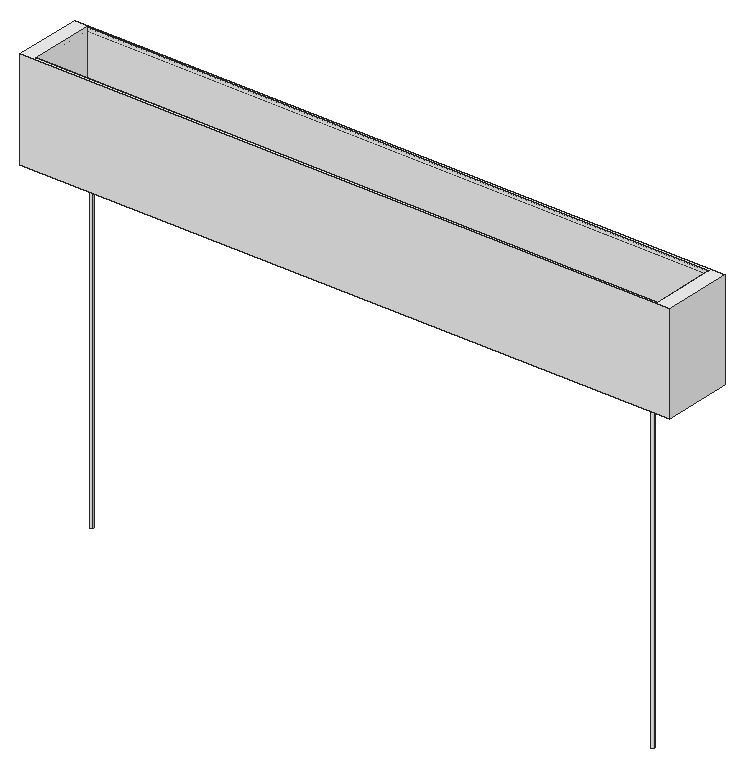
Revit family "Pursuit-C-D", category Lighting Fixtures, host Face, Revit 2014
Parameters (values of type "RN-C-D-02")
  zz Length 2 [instance] = Cable Height  # 12.00"
  Wattage = 41 W
  Warranty = "5-Years Warranty"  # constant formula
  built-in parameter 1150110 = 1 (stored number, unit not read)
  Voltage = 120 V
  Type Comments = "Lighting Fixture"  # constant formula
  built-in parameter 1114217 = 1 (stored number, unit not read)
  Tilt Angle = -90.00°
  built-in parameter 1150109 = 1 (stored number, unit not read)
  built-in parameter 1150134 = (empty or 0)
  built-in parameter 1150113 = 1 (stored number, unit not read)
  Product Page URL = "https://www.hubbell.com/architecturalarealighting/en/Products/Lighting-Controls/Commercial-Outdoor-Lighting/Wall-Mount/Pursuit-Direct-Down/p/2827611"
  Product Documentation Link = "https://hubbellcdn.com/specsheet/aal_rnd_spec.pdf"
  Power Factor = 1
  Photometric Web File = "RN-D-2-15-5K8-SM-DL.ies"
  Photometric Notes = "More IES files download on Photometric Link"  # constant formula
  Photometric Link = "https://www.hubbell.com/architecturalarealighting/en/Products/Lighting-Controls/Commercial-Outdoor-Lighting/Wall-Mount/Pursuit-Direct-Down/p/2827611"
  Cable Height [instance] = 12.00"
  zz Length 1 = 24.00"
  Wattage Comments = ""
  URL = "https://www.hubbell.com/architecturalarealighting/en/"
  Mounting = "Pendant"  # constant formula
  Model = "Pursuit - Pendant Direct"  # constant formula
  Manufacturer = "Architectural Area Lighting"  # constant formula
  built-in parameter 1150105 = 241.44 (stored number, unit not read)
  Lumens = 3034 lm
  built-in parameter 1150115 = 1 (stored number, unit not read)
  Load Classification = Lighting
  built-in parameter 1150137 = (empty or 0)
  built-in parameter 1150139 = (empty or 0)
  built-in parameter 1150112 = 1 (stored number, unit not read)
  built-in parameter 1150114 = 1 (stored number, unit not read)
  Lamp = "LED"  # constant formula
  built-in parameter 1150132 = (empty or 0)
  built-in parameter 1150102 = (empty or 0)
  built-in parameter 1150107 = 3500 (stored number, unit not read)
  built-in parameter 1150138 = (empty or 0)
  built-in parameter 1150106 = 2.4144 (stored number, unit not read)
  Glass = Glass - Hubbell - White
  Fixture Distribution = "Direct-Symmetric"  # constant formula
  Emit from Rectangle Width = zz Length 1 - 1.00"  # 23.00"
  Emit from Rectangle Length = 2.00"  # constant formula
  Emit Shape Visible in Rendering = no
  built-in parameter 1150104 = 6.8748 (stored number, unit not read)
  Dimming Lamp Color Temperature Shift = <None>
  Description = "Linear Unlimted Low profile linear form factor seamlessly blends with the architecture - day or night. Individual housing lengths can be connected with external lens for seamless and continuous runs up to 150' to meet a variety of applications"  # constant formula
  Default Elevation = 48.00"
  Create Date = "07/19/2018"  # constant formula
  Copyright = "Copyright © 2018 AAL"  # constant formula
  Contact Us = "https://www.hubbell.com/architecturalarealighting/en/contactUs"
  Color Filter = 16777215
  built-in parameter 1114218 = 1 (stored number, unit not read)
  Housing Material = Paint - Hubbell - White
  built-in parameter 1150133 = 10 (stored number, unit not read)
  Assembly Code = "D5020200"
  Apparent Load = 0 VA
Types (6): name | zz Length 2 | Wattage | Photometric Web File | Cable Height | zz Length 1 | built-in parameter 1150105 | Lumens | built-in parameter 1150106 | Emit from Rectangle Width | built-in parameter 1150104
  (no name) | 12.00" | 41 W | "RN-D-2-15-5K8-SM-DL.ies" | 12.00" | 24.00" | 241.44 (stored number, unit not read) | 3034 lm | 2.4144 (stored number, unit not read) | 23.00" | 6.8748 (stored number, unit not read)
  RN-C-D-02 | 12.00" | 41 W | "RN-D-2-15-5K8-SM-DL.ies" | 12.00" | 24.00" | 241.44 (stored number, unit not read) | 3034 lm | 2.4144 (stored number, unit not read) | 23.00" | 6.8748 (stored number, unit not read)
  RN-C-D-03 | 16.30" | 38 W | "RN-D-3-10-3K8-AS-CL.ies" | 16.30" | 36.00" | 223.77 (stored number, unit not read) | 2812 lm | 2.2377 (stored number, unit not read) | 35.00" | 6.8748 (stored number, unit not read)
  RN-C-D-04 | 16.30" | 52 W | "RN-D-2-15-5K8-SM-DL.ies" | 16.30" | 48.00" | 393.11 (stored number, unit not read) | 4940 lm | 3.9311 (stored number, unit not read) | 47.00" | 8.8258 (stored number, unit not read)
  RN-C-D-06 | 16.30" | 41 W | "RN-D-3-10-3K8-AS-CL.ies" | 16.30" | 72.00" | 241.44 (stored number, unit not read) | 3034 lm | 2.4144 (stored number, unit not read) | 71.00" | 6.8748 (stored number, unit not read)
  RN-C-D-08 | 16.30" | 41 W | "RN-D-2-15-5K8-SM-DL.ies" | 16.30" | 96.00" | 241.44 (stored number, unit not read) | 3034 lm | 2.4144 (stored number, unit not read) | 95.00" | 6.8748 (stored number, unit not read)
Reference planes (in)
  plane 1 "Center (Front/Back)": y = 13.01342
  plane 2: z = 0
  plane 3 "Center (Left/Right)": x = 0
  plane 4: x = -12
  plane 5: x = 12
  plane 6: x = -10.37
  plane 7: x = 10.37
  plane 8: z = 0.25
  plane 9: z = 14.5
  plane 10: z = 12
  plane 11: z = 15.65
  plane 12: z = 11.87
  plane 13: z = 11.87
Forms (in)
  Revolve 1, solid, material "Paint - Hubbell - White" <- "Housing Material"
    sketch origin (5.75, 13.01342, 0) x (1, 0, 0) y (0, 0, 1)
      loop
        line (-16.12, 12) -> (-16.12, 0) -> (-16.07, 0) -> (-16.07, 12) -> (-16.12, 12)
      axis (-16.12, 12) -> (-16.12, 0)
    angle from 0 to 360
  Revolve 2, solid, material "Paint - Hubbell - White" <- "Housing Material"
    sketch origin (-5.75, 13.01342, 0) x (-1, 0, 0) y (0, 0, -1)
      loop
        line (-16.12, -12) -> (-16.07, -12) -> (-16.07, 0) -> (-16.12, 0) -> (-16.12, -12)
      axis (-16.12, -12) -> (-16.12, 0)
    angle from 0 to 360
Dimensions and locks (in)
  equal spacing: plane 5, plane 3 "Center (Left/Right)", plane 4
  "zz Length 1": plane 5 to plane 4
  locked: plane 8 to plane 2 at 0.25
  locked: plane 6 to plane 4 at 1.63
  locked: plane 5 to plane 7 at 1.63
  "zz Length 2": plane 10 to plane 2
  locked: plane 11 to plane 10 at 3.65
  locked: plane 9 to plane 10 at 2.5
  locked: plane 10 to plane 12 at 0.13
  aligned and locked: plane 2 to host face
  aligned and locked: level to host face
  aligned and locked: plane 3 "Center (Left/Right)" to nested 1
  aligned and locked: plane 1 "Center (Front/Back)" to nested 1
  aligned and locked: Revolve 1 sketch curve to Revolve 1 sketch curve
  aligned and locked: plane 9 to imposter light
  aligned and locked: plane 3 "Center (Left/Right)" to imposter light
  aligned and locked: plane 10 to Revolve 1
  aligned and locked: Revolve 2 sketch curve to Revolve 2 sketch curve
Automatic sketch dimensions
  host sketch curve to host sketch curve = 96.00"  (x2)
  Revolve 1 sketch curve to plane 6 = 0.00"
  Revolve 1 sketch curve to plane 10 = 0.00"
  Revolve 1 sketch curve to level = 0.00"
  plane 6 to Revolve 1 sketch curve = 0.05"
  plane 8 to Revolve 1 sketch curve = 0.66777"
  Revolve 1 sketch curve to Revolve 1 sketch curve = 5.287"
  Revolve 2 sketch curve to plane 7 = 0.00"
  Revolve 2 sketch curve to plane 10 = 0.00"
  Revolve 2 sketch curve to level = 0.00"
  Revolve 2 sketch curve to plane 7 = 0.05"
  Revolve 2 sketch curve to plane 13 = 5.66524"
  plane 8 to Revolve 2 sketch curve = 0.66777"
Nested families (in)
  nested 1: "Cable Direct" at (-0.01104, 12.97343, 12), Glass <- "Glass", Backbox <- "Housing Material", Length <- "zz Length 1", type "Cable Direct"
    with Length 24.00", Glass Glass - Hubbell - White, Backbox Paint - Hubbell - White
Connectors (in)
  electrical at (0, 13.01342, 12), driven by "Load Classification", driven by "Voltage", driven by "Apparent Load", driven by "Power Factor"
    settings: on nested 1, index 1, voltage 120 V, apparent load 0 VA, apparent load phase1 0 VA, apparent load phase2 0 VA, apparent load phase3 0 VA, power factor 1, load classification "Lighting", number of poles 1, system type 30, power factor state 1, is connector primary yes, connector utility no, sub classification motor no, connector description "Electrical Connector"
Definition of nested family "Cable Direct"
  Parameters (values of type "08")
    Wattage Comments = ""
    URL = ""
    Model = ""
    Manufacturer = ""
    Length [instance] = 96.00"
    Lamp = ""
    Glass [instance] = none
    Description = ""
    Default Elevation = 48.00"
    Backbox [instance] = none
  Types (6): name | Length
    (no name) | 96.00"
    02 | 24.00"
    04 | 48.00"
    03 | 36.00"
    06 | 72.00"
    08 | 96.00"
  Reference planes (in)
    plane 1 "Center (Front/Back)": y = 0.03999
    plane 2: z = 0
    plane 3 "Center (Left/Right)": x = 0.01104
    plane 4: z = 3.65
    plane 5: z = 1
    plane 6: x = -47.98896
    plane 7: x = 48.01104
    plane 8: x = -47.48896
    plane 9: x = 47.51104
    plane 10: y = 1.22499
    plane 11: y = -1.14501
    plane 12: y = -1.23501
    plane 13: y = 1.31499
    plane 14: z = 0.5625
    plane 15: z = 3.525
  Forms (in)
    Extrusion 1, solid
      sketch origin (0, 0, 0.06357) x (1, 0, 0) y (0, 1, 0)
        loop
          line (-48, 48) -> (-48, -48) -> (48, -48) -> (48, 48) -> (-48, 48)
      from -0.06357 to -12.81105
    Extrusion 2, void
      sketch origin (-23.78896, 8.13374, 2) x (0, -1, 0) y (1, 0, 0)
        loop
          line (6.90875, -23.7) -> (9.27875, -23.7) -> (9.27875, 71.3) -> (6.90875, 71.3) -> (6.90875, -23.7)
      from 1.65 to -1
    Extrusion 3, solid, material <- "Backbox"
      sketch origin (0.01104, 0, 0) x (0, 1, 0) y (0, 0, 1)
        loop
          line (1.31499, 3.65) -> (-1.23501, 3.65) -> (-1.23501, 0) -> (1.31499, 0) -> (1.31499, 3.65)
      from -48 to 48
    Extrusion 4, solid, material <- "Glass"
      sketch origin (0, 0, 4.3125) x (0, -1, 0) y (1, 0, 0)
        loop
          line (-1.22499, -47.48896) -> (1.14501, -47.48896) -> (1.14501, 47.51104) -> (-1.22499, 47.51104) -> (-1.22499, -47.48896)
      from -0.7875 to -0.6625
  Cuts and joins
    Extrusion 2 cuts Extrusion 3
  Dimensions and locks (in)
    "Length": plane 7 to plane 6
    locked: plane 8 to plane 6 at 0.5
    locked: plane 7 to plane 9 at 0.5
    equal spacing: plane 7, plane 3 "Center (Left/Right)", plane 6
    plane 4 to plane 2 = 3.65"
    plane 14 to plane 2 = 0.5625"
    locked: plane 5 to plane 2 at 1
    locked: plane 4 to plane 15 at 0.125
    equal spacing: plane 10, plane 1 "Center (Front/Back)", plane 11
    locked: plane 13 to plane 10 at 0.09
    locked: plane 11 to plane 12 at 0.09
    locked: plane 13 to plane 12 at 2.55
    aligned and locked: plane 2 to Extrusion 1
    aligned and locked: plane 10 to Extrusion 2 sketch curve
    aligned and locked: plane 11 to Extrusion 2 sketch curve
    aligned and locked: plane 4 to Extrusion 3 sketch curve
    aligned and locked: plane 13 to Extrusion 3 sketch curve
    aligned and locked: Extrusion 3 sketch curve to level
    aligned and locked: plane 12 to Extrusion 3 sketch curve
    aligned and locked: Extrusion 3 to plane 6
    aligned and locked: plane 7 to Extrusion 3
    aligned and locked: plane 9 to Extrusion 2
    aligned and locked: Extrusion 2 to plane 8
    aligned and locked: plane 4 to Extrusion 4
    aligned and locked: plane 4 to Extrusion 2
    aligned and locked: Extrusion 2 to plane 5
    aligned and locked: Extrusion 4 to plane 15
  Automatic sketch dimensions
    Extrusion 1 sketch curve to Extrusion 1 sketch curve = 96.00"  (x2)
    Extrusion 2 sketch curve to plane 8 = 0.00"
    Extrusion 2 sketch curve to plane 9 = 0.00"
    Extrusion 4 sketch curve to plane 9 = 0.00"
    plane 10 to Extrusion 4 sketch curve = 0.00"
    Extrusion 4 sketch curve to plane 8 = 0.00"
    Extrusion 4 sketch curve to plane 11 = 0.00"
